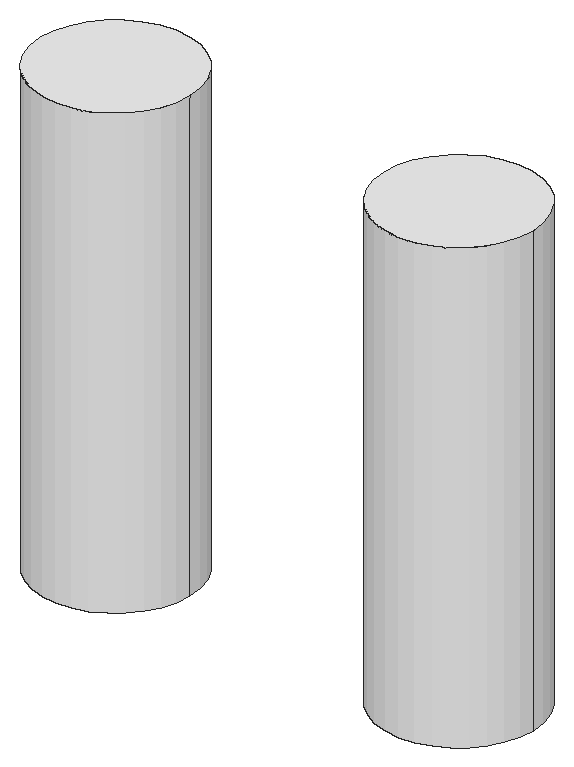
Revit family "51591193", category Plumbing Fixtures, Revit 2020
Family settings
  Round Connector Dimension = Use Diameter
  Part Type = Normal
  OmniClass Number = 23.45.55.00
  OmniClass Title = Sanitary Faucets, Wastes
  Work Plane-Based = No
  Always vertical = Yes
  Cut with Voids When Loaded = No
  Shared = No
  Room Calculation Point = No
Parameters (values of type "51591193 Kitchen faucet, low pressure")
  Working Pressure = "50 - 500 kPa"
  WarrantyStartDate [instance] = "n/a"
  WarrantyGuarantorParts = "n/a"
  WarrantyGuarantorLabor = "n/a"
  WarrantyDurationUnit = "Year"
  WarrantyDurationParts = "n/a"
  WarrantyDurationLabor = "n/a"
  WarrantyDescription = "http://warranty.hansa.com"
  Warranty Information URL = "http://warranty.hansa.com"
  VersionDate = "01/06/2023"
  Version = "1"
  ValvePattern = "n/a"
  ValveOperation = "n/a"
  ValveMechanism = "n/a"
  Uniclass2015Reference = "Pr_40_20_87_96"
  Uniclass2015Description = "Washbasin manual water supply sets"
  Uniclass2 = "Pr_40_30_96_96"
  URL REACH = "http://static.hansa.com/doc/reach"
  URL Materials Declaration = "http://www.hansa.com/fileadmin/resources/181963_51591193_materialsdeclaration.pdf"
  URL Environmental Product Declaration EPD = "http://www.hansa.com/fileadmin/resources/184519_EPD_Kitchen faucet.pdf"
  URL EcoLabel Declaration = "http://static.hansa.com/doc/EcoLabel"
  URL EU Packaging Declaration = "http://static.hansa.com/doc/packaging"
  URL Declaration of SCIP = "http://static.hansa.com/doc/SCIP"
  URL Declaration of Conformity = "http://static.hansa.com/DoC/51591193"
  URL Declaration of Asbestos = "http://static.hansa.com/doc/asbestos"
  URL Declaration Of Performance (DOP) = "http://static.hansa.com/doc/DoP"
  URL = ""
  UNSPSC Class Number = "30181700 Faucets or taps"
  Type Comments = ""
  TestPressure = "n/a"
  Temperature Adjustments = "Limitation option for maximum temperature and flow-rate ;Adjustable hot water stop (included, retrofittable)"
  Temperature = "Temperature limiter;Temperature limiter (retrofittable)"
  Technical DataSheet URL = "http://www.hansa.com/datasheet/51591193/en"
  TagNumber [instance] = "n/a"
  SustainabilityPerformance = "n/a"
  Surface treatment = "Chrome"
  Spout Type = "Swivel spout;Swivel range limiting option"
  Spout Swivel Range = "120°"
  Spout Projection = "215 mm"
  Spare-Part Information URL = "http://static.hansa.com/sp/51591193"
  Size = "51x255x168 mm"
  Shape = "Sculptured"
  SerialNumber [instance] = "n/a"
  Sales Package dimensions (LxWxH) = "695 x 320 x 85"
  Revision = "n/a"
  ReplacementCost = "n/a"
  ProductInformation = "n/a"
  Product URL = "http://static.hansa.com/51591193"
  Product Image URL = "http://static.hansa.com/image/51591193"
  Product Family = "HANSAPOLO "
  Product Code = "51591193"
  OperatingMechanismMaterial = "n/a"
  NominalWidth = 51 mm
  NominalHeight = 168 mm
  NominalDepth = 255 mm
  Noise Class = "I (ISO 3822)"
  Name_en = "51591193 Kitchen faucet, low pressure"
  Name = "51591193 Kitchen faucet, low pressure"
  NBSReference = "45-35-70/371"
  NBSDescription = "Water supply fittings for wash basins and troughs"
  Mounting Holes = "1 hole"
  ModelReference = "51591193"
  ModelNumber = "n/a"
  Model = "51591193 Kitchen faucet, low pressure"
  Mobile Product Information URL = "http://mpi.hansa.com/51591193"
  Mechanical Parts = "ø 35 mm ceramic cartridge for flow and temperature control"
  Max. Hot Water Supply = 70 °C
  Material = "Brass"
  Market = "International;Germany;Austria;Belgium;Netherlands;France;Czech Republic;Slovakia"
  ManufacturerURL = "http://www.hansa.com"
  ManufacturerName = "HANSA"
  Manufacturer = "HANSA"
  Lever Handle = "Hot/Cold symbols;Single operating lever/handle"
  Interactive AR View URL = "https://static.hansa.com/AR/51591193"
  InstallationDate [instance] = "n/a"
  Installation and Maintenance Guide URL = "http://static.hansa.com/manual/51591193"
  Installation Type = "Deck mounted"
  InletConnectionSize = 10 mm
  IfcExportType = "FAUCET"  # constant formula
  IfcExportAs = "IfcValveType"  # constant formula
  Group = "Kitchen faucet"
  Grade = "n/a"
  FlowCoefficient = 0
  Flow Rate At 300kPa = 0.12 L/s
  Flow Drawing URL = "http://static.hansa.com/flowchart/51591193"
  Finish = "Polished"
  Features = "Single-lever;Low pressure"
  FaucetMainMaterial = Brass
  FDV Document URL = "http://www.hansa.com/datasheet/51591193/en/fdv"
  ExpectedLife = "n/a"
  ETIM Class Number = "EC011431 Kitchen mixing tap"
  EN Standard = "EN 817"
  EAN Number = "4057304002892"
  DurationUnit = "Year"
  Dimension Drawing URL = "http://static.hansa.com/dimdrw/51591193"
  Description = ""
  DefaultElevation [instance] = 900 mm
  Default Elevation = 0 mm
  Constituents = "n/a"
  Connection Size = "G3/8"
  Connection = "Flexible inlet pipes"
  Color = "Chrome"
  CodePerformance = "n/a"
  CloseOffRating = 0
  Category = "Kitchen"
  Catalog Drawing URL = "http://static.hansa.com/catdrw/51591193"
  CO2 Emissions (D) = -6.05
  CO2 Emissions (C4) = 0.32
  CO2 Emissions (C3) = 0.02
  CO2 Emissions (C2) = 0.02
  CO2 Emissions (B7) = 2836.8
  CO2 Emissions (A4) = 0.21
  CO2 Emissions (A1-A3) = 10.71
  Brand = "HANSA"
  BodyMaterial = "Brass"
  Barcode [instance] = "n/a"
  Backflow Prevention EN1717 = "AA"
  BIMObjectName = "51591193(2020)"
  Author = "BIMStone"
  AssetType = "Fixed"
  AssetIdentifier [instance] = "n/a"
  Ambience photo = "http://static.hansa.com/ambience/51591193"
  Aerator = "Laminar stream;Standard aerator"
  Advanced Features = "Inner body made of DZR brass;Rapid installation system"
  AccessibilityPerformance = "n/a"
  3D View = "https://static.hansa.com/AR/51591193"
  2D/3D/BIM Files URL = "http://static.hansa.com/bim/51591193"
Reference planes
  plane 1 "Center (Front/Back)": y = 0
  plane 2: z = 0
  plane 3 "Center (Left/Right)": x = 0
  plane 4: x = -25.5
  plane 5: z = 1068
  plane 6: z = 900
  plane 7: z = 870
  plane 8: y = -255
  plane 9: x = 25.5
Forms (mm)
  Extrusion 1, solid, material "Brass" <- "FaucetMainMaterial"
    sketch origin (0, -3, 0) x (1, 0, 0) y (0, 1, 0)
      loop
        circle (-11.5, -22.5) r 5
      loop
        circle (11.5, -22.5) r 5
    from 870 to 900
  Extrusion 2, solid, material "Brass" <- "FaucetMainMaterial", detail levels medium
    sketch origin (0, 0, 0) x (0, 1, 0) y (0, 0, 1)
      loop
        line (0, 900) -> (0, 1058.08) -> (-61.322, 1065.36) -> (-111.697, 1068)
        arc (-111.697, 1068) -> (-112.791, 1067.626) -> (-113.167, 1066.532) r 1.316
        line (-113.167, 1066.532) -> (-112.909, 1064.448)
        arc (-112.909, 1064.448) -> (-111.629, 1061.855) -> (-109.013, 1060.622) r 4.388
        line (-109.013, 1060.622) -> (-51, 1054.525) -> (-51, 993.034)
        arc (-51, 993.034) -> (-52.761, 993.574) -> (-54.465, 994.275) r 19.937
        line (-54.465, 994.275) -> (-135.431, 1032.03)
        arc (-135.431, 1032.03) -> (-162.315, 1042.283) -> (-190.393, 1048.572) r 200
        line (-190.393, 1048.572) -> (-248.818, 1057.304)
        arc (-248.818, 1057.304) -> (-251.086, 1056.882) -> (-252.314, 1054.93) r 2.875
        line (-252.314, 1054.93) -> (-255, 1037.009) -> (-252.234, 1036.594) -> (-252.899, 1032.154) -> (-229.163, 1028.596) -> (-228.347, 1034.037) -> (-193.277, 1028.781)
        arc (-193.277, 1028.781) -> (-168.045, 1023.121) -> (-143.883, 1013.904) r 180
        line (-143.883, 1013.904) -> (-51, 970.592) -> (-51, 900) -> (0, 900)
    from 25.5 to -25.5
  Extrusion 3, solid, material "Brass", detail levels coarse
    sketch origin (0, 0, 0) x (1, 0, 0) y (0, 1, 0)
      loop
        line (-25.5, 0) -> (-25.5, -255) -> (25.5, -255) -> (25.5, 0) -> (-25.5, 0)
    from 900 to 1068
Lines and regions (mm)
  symbolic lines, detail levels medium+fine
    curve 1: line (0, 0, 900) -> (0, -51, 900)
    curve 2: line (0, -51, 900) -> (0, -51, 947.5)
    curve 3: line (0, -50.702, 970.453) -> (0, -143.883, 1013.904)
    curve 4: arc (0, -143.883, 1013.904) -> (0, -168.045, 1023.121) -> (0, -193.277, 1028.781) r 180
    curve 5: line (0, -193.277, 1028.781) -> (0, -225.171, 1033.561)
    curve 6: line (0, -229.163, 1028.596) -> (0, -228.497, 1033.037)
    curve 7: line (0, -252.234, 1036.594) -> (0, -252.899, 1032.154)
    curve 8: line (0, -252.899, 1032.154) -> (0, -229.163, 1028.596)
    curve 10: line (0, -225.321, 1032.561) -> (0, -225.171, 1033.561)
    curve 11: line (0, -252.234, 1036.594) -> (0, -255, 1037.009)
    curve 12: line (0, -255, 1037.009) -> (0, -252.314, 1054.93)
    curve 13: arc (0, -252.314, 1054.93) -> (0, -251.086, 1056.882) -> (0, -248.818, 1057.304) r 2.875
    curve 14: line (0, -248.818, 1057.304) -> (0, -190.393, 1048.572)
    curve 15: arc (0, -190.393, 1048.572) -> (0, -162.315, 1042.283) -> (0, -135.431, 1032.03) r 200
    curve 16: line (0, -135.431, 1032.03) -> (0, -54.465, 994.275)
    curve 17: arc (0, -54.465, 994.275) -> (0, -52.475, 993.474) -> (0, -50.41, 992.892) r 19.937
    curve 18: line (0, -50.007, 1023.96) -> (0, -50.41, 992.892)
    curve 19: line (0, -50.702, 970.453) -> (0, -51, 947.5)
    curve 20: line (0, 0, 900) -> (0, 0, 947.5)
    curve 21: line (0, -0.993, 1023.96) -> (0, 0, 947.5)
    curve 23: line (0, -228.497, 1033.037) -> (0, -225.321, 1032.561)
    curve 24: line (0, -0.993, 1023.96) -> (0, -2.721, 1023.96)
    curve 25: line (0, -49.846, 1026.8) -> (0, -48.006, 1026.8)
    curve 27: line (0, -48.304, 1023.96) -> (0, -48.006, 1026.8)
    curve 28: arc (0, -6.504, 1035.604) -> (0, -3.769, 1030.056) -> (0, -2.721, 1023.96) r 21.584
    curve 29: line (0, -49.846, 1026.8) -> (0, -48.267, 1049.382)
    curve 30: arc (0, -48.267, 1049.382) -> (0, -49.483, 1053.016) -> (0, -52.912, 1054.725) r 5.006
    curve 31: line (0, -52.912, 1054.725) -> (0, -109.013, 1060.622)
    curve 32: arc (0, -109.013, 1060.622) -> (0, -111.629, 1061.855) -> (0, -112.909, 1064.448) r 4.388
    curve 33: line (0, -112.909, 1064.448) -> (0, -113.167, 1066.532)
    curve 34: arc (0, -113.167, 1066.532) -> (0, -112.791, 1067.626) -> (0, -111.697, 1068) r 1.316
    curve 35: line (0, -111.697, 1068) -> (0, -61.322, 1065.36)
    curve 36: line (0, -61.322, 1065.36) -> (0, -4.446, 1058.607)
    curve 37: arc (0, -4.446, 1058.607) -> (0, -3.316, 1057.974) -> (0, -2.965, 1056.728) r 1.691
    curve 38: line (0, -2.965, 1056.728) -> (0, -1.647, 1037.869)
    curve 39: line (0, -6.504, 1035.604) -> (0, -1.647, 1037.869)
    curve 41: line (0, -48.304, 1023.96) -> (0, -50.007, 1023.96)
    curve 43: line (25.5, 0, 900) -> (-25.5, 0, 900)
    curve 44: line (-25.5, 0, 900) -> (-25.5, 0, 947.56)
    curve 45: line (-25.5, 0, 947.56) -> (-24.495, 0, 1023.96)
    curve 46: line (-24.362, 0, 1026.797) -> (-22.506, 0, 1026.797)
    curve 47: line (-24.495, 0, 1023.96) -> (-22.754, 0, 1023.96)
    curve 48: line (-24.362, 0, 1026.797) -> (-21.794, 0, 1058.814)
    curve 49: arc (-21.794, 0, 1058.814) -> (-21.406, 0, 1059.899) -> (-20.524, 0, 1060.641) r 2.211
    curve 50: arc (-20.524, 0, 1060.641) -> (-18.448, 0, 1061.525) -> (-16.319, 0, 1062.269) r 33.994
    curve 51: arc (-16.319, 0, 1062.269) -> (-15.779, 0, 1062.579) -> (-15.419, 0, 1063.089) r 1.442
    curve 52: arc (-15.419, 0, 1063.089) -> (-13.815, 0, 1065.638) -> (-11.468, 0, 1067.527) r 9.139
    curve 53: arc (-11.468, 0, 1067.527) -> (-10.657, 0, 1067.864) -> (-9.789, 0, 1068) r 3.707
    curve 54: line (-9.789, 0, 1068) -> (0, 0, 1068)
    curve 55: line (-22.506, 0, 1026.797) -> (-22.754, 0, 1023.96)
    curve 59: line (25.5, 0, 900) -> (25.5, 0, 947.56)
    curve 60: line (25.5, 0, 947.56) -> (24.495, 0, 1023.96)
    curve 61: line (24.362, 0, 1026.797) -> (22.506, 0, 1026.797)
    curve 62: line (24.495, 0, 1023.96) -> (22.754, 0, 1023.96)
    curve 63: line (24.362, 0, 1026.797) -> (21.794, 0, 1058.814)
    curve 64: arc (21.794, 0, 1058.814) -> (21.406, 0, 1059.899) -> (20.524, 0, 1060.641) r 2.211
    curve 65: arc (20.524, 0, 1060.641) -> (18.448, 0, 1061.525) -> (16.319, 0, 1062.269) r 33.994
    curve 66: arc (16.319, 0, 1062.269) -> (15.779, 0, 1062.579) -> (15.419, 0, 1063.089) r 1.442
    curve 67: arc (15.419, 0, 1063.089) -> (13.815, 0, 1065.638) -> (11.468, 0, 1067.527) r 9.139
    curve 68: arc (11.468, 0, 1067.527) -> (10.657, 0, 1067.864) -> (9.789, 0, 1068) r 3.707
    curve 69: line (9.789, 0, 1068) -> (0, 0, 1068)
    curve 70: line (22.506, 0, 1026.797) -> (22.754, 0, 1023.96)
    curve 83: line (-15, -239.534, 0) -> (-15, -59.645, 0)
    curve 84: line (15, -239.534, 0) -> (15, -59.645, 0)
    curve 85: spline (-15, -239.534, 0) -> (-14.489, -243.537, 0) -> (-12.99, -247.267, 0) -> (-10.607, -250.47, 0) -> (-7.5, -252.928, 0) -> (-3.882, -254.473, 0) -> (0, -255, 0) -> (3.882, -254.473, 0) -> (7.5, -252.928, 0) -> (10.607, -250.47, 0) -> (12.99, -247.267, 0) -> (14.489, -243.537, 0) -> (15, -239.534, 0)
    curve 91: arc (-15.824, -46.935, 0) -> (-15.892, -46.144, 0) -> (-15.994, -45.357, 0) r 18.815
    curve 95: arc (15.832, -46.938, 0) -> (15.9, -46.152, 0) -> (16.001, -45.369, 0) r 18.811
    curve 96: line (-15, -59.645, 0) -> (-15.824, -46.935, 0)
    curve 97: line (15, -59.645, 0) -> (15.832, -46.938, 0)
    curve 98: arc (16.001, -45.369, 0) -> (0.021, -0.018, 0) -> (-15.994, -45.357, 0) r 25.494
  symbolic lines, detail levels fine
    curve 9: line (0, -252.234, 1036.594) -> (0, -228.497, 1033.037)
    curve 22: line (0, 0, 947.5) -> (0, -51, 947.5)
    curve 26: line (0, -25.383, 1026.8) -> (0, -6.504, 1035.604)
    curve 40: line (0, -48.006, 1026.8) -> (0, -25.383, 1026.8)
    curve 42: line (0, -2.721, 1023.96) -> (0, -48.304, 1023.96)
    curve 56: line (-15, 0, 970.474) -> (-15, 0, 1054.085)
    curve 57: line (-22.506, 0, 1026.797) -> (-15, 0, 1026.797)
    curve 58: line (-22.754, 0, 1023.96) -> (-15, 0, 1023.96)
    curve 71: line (22.506, 0, 1026.797) -> (15, 0, 1026.797)
    curve 72: line (22.754, 0, 1023.96) -> (15, 0, 1023.96)
    curve 73: line (-25.5, 0, 947.56) -> (25.5, 0, 947.56)
    curve 74: spline (-15, 0, 1054.085) -> (-14.489, 0, 1054.949) -> (-12.99, 0, 1055.755) -> (-10.607, 0, 1056.447) -> (-7.5, 0, 1056.978) -> (-3.882, 0, 1057.312) -> (0, 0, 1057.426) -> (3.882, 0, 1057.312) -> (7.5, 0, 1056.978) -> (10.607, 0, 1056.447) -> (12.99, 0, 1055.755) -> (14.489, 0, 1054.949) -> (15, 0, 1054.085)
    curve 75: arc (-13.012, 0, 968.978) -> (-14.379, 0, 969.231) -> (-15, 0, 970.474) r 1.557
    curve 76: arc (13.012, 0, 968.978) -> (14.379, 0, 969.231) -> (15, 0, 970.474) r 1.557
    curve 77: arc (-13.012, 0, 968.978) -> (0, 0, 970.816) -> (13.012, 0, 968.978) r 47.003
    curve 78: spline (11.961, 0, 1030.3) -> (11.554, 0, 1029.845) -> (10.359, 0, 1029.421) -> (8.458, 0, 1029.058) -> (5.981, 0, 1028.778) -> (3.096, 0, 1028.603) -> (0, 0, 1028.543) -> (-3.096, 0, 1028.603) -> (-5.981, 0, 1028.778) -> (-8.458, 0, 1029.058) -> (-10.359, 0, 1029.421) -> (-11.554, 0, 1029.845) -> (-11.961, 0, 1030.3) -> (-11.554, 0, 1030.754) -> (-10.359, 0, 1031.178) -> (-8.458, 0, 1031.542) -> (-5.981, 0, 1031.821) -> (-3.096, 0, 1031.997) -> (0, 0, 1032.056) -> (3.096, 0, 1031.997) -> (5.981, 0, 1031.821) -> (8.458, 0, 1031.542) -> (10.359, 0, 1031.178) -> (11.554, 0, 1030.754) -> (11.961, 0, 1030.3)
    curve 79: spline (-11.961, 0, 1034.779) -> (-11.554, 0, 1035.234) -> (-10.359, 0, 1035.658) -> (-8.458, 0, 1036.021) -> (-5.981, 0, 1036.301) -> (-3.096, 0, 1036.476) -> (0, 0, 1036.536) -> (3.096, 0, 1036.476) -> (5.981, 0, 1036.301) -> (8.458, 0, 1036.021) -> (10.359, 0, 1035.658) -> (11.554, 0, 1035.234) -> (11.961, 0, 1034.779)
    curve 80: line (-11.961, 0, 1030.3) -> (-11.961, 0, 1034.779)
    curve 81: line (11.961, 0, 1034.779) -> (11.961, 0, 1030.3)
    curve 82: spline (11.961, 0, 1033.769) -> (14.424, 0, 1034.526) -> (14.937, 0, 1035.369) -> (13.431, 0, 1036.183) -> (10.109, 0, 1036.859) -> (5.421, 0, 1037.304) -> (0, 0, 1037.46) -> (-5.421, 0, 1037.304) -> (-10.109, 0, 1036.859) -> (-13.431, 0, 1036.183) -> (-14.937, 0, 1035.369) -> (-14.424, 0, 1034.526) -> (-11.961, 0, 1033.769)
    curve 86: spline (-15, -239.534, 0) -> (-14.489, -242.782, 0) -> (-12.99, -245.808, 0) -> (-10.607, -248.407, 0) -> (-7.5, -250.401, 0) -> (-3.882, -251.655, 0) -> (0, -252.082, 0) -> (3.882, -251.655, 0) -> (7.5, -250.401, 0) -> (10.607, -248.407, 0) -> (12.99, -245.808, 0) -> (14.489, -242.782, 0) -> (15, -239.534, 0)
    curve 87: arc (19.099, -37.489, 0) -> (0, -2.95, 0) -> (-19.099, -37.489, 0) r 22.55
    curve 88: line (0, -113.165, 0) -> (-6.461, -113.165, 0)
    curve 89: arc (-6.461, -113.165, 0) -> (-10.086, -111.77, 0) -> (-11.84, -108.304, 0) r 5.407
    curve 90: line (-11.84, -108.304, 0) -> (-15, -59.645, 0)
    curve 92: line (0, -113.165, 0) -> (6.461, -113.165, 0)
    curve 93: arc (6.461, -113.165, 0) -> (10.086, -111.77, 0) -> (11.84, -108.304, 0) r 5.407
    curve 94: line (11.84, -108.304, 0) -> (15, -59.645, 0)
    curve 99: arc (-19.099, -37.489, 0) -> (-17.182, -41.279, 0) -> (-15.994, -45.357, 0) r 23.03
    curve 100: arc (19.099, -37.489, 0) -> (17.182, -41.279, 0) -> (15.994, -45.357, 0) r 23.03
    curve 101: line (15, 0, 970.474) -> (15, 0, 1054.085)
    curve 102: line (-15.779, 0, 1062.579) -> (-15.779, 0, 1058.287)
    curve 103: arc (-15.779, 0, 1058.287) -> (-15.347, 0, 1056.539) -> (-14.151, 0, 1055.193) r 3.756
    curve 104: line (15.779, 0, 1062.579) -> (15.779, 0, 1058.287)
    curve 105: arc (15.779, 0, 1058.287) -> (15.347, 0, 1056.539) -> (14.151, 0, 1055.193) r 3.756
Dimensions and locks
  "NominalHeight": plane 5 to plane 6
  "DefaultElevation": plane 6 to level
  locked: plane 6 to plane 7 at 30
  "NominalDepth": plane 8 to plane 1 "Center (Front/Back)"
  equal spacing: plane 4, plane 3 "Center (Left/Right)", plane 9
  "NominalWidth": plane 4 to plane 9
  "InletConnectionSize": diameter of Extrusion 1 sketch curve  (x2)
  aligned and locked: level to plane 2
  aligned and locked: plane 6 to Extrusion 1
  aligned and locked: Extrusion 1 to plane 7
  aligned and locked: plane 5 to Extrusion 3
  aligned and locked: Extrusion 3 to plane 6
  aligned and locked: plane 6 to import instance
Automatic sketch dimensions
  curve 88 to plane 3 "Center (Left/Right)" = 0 mm
  curve 85 to plane 3 "Center (Left/Right)" = 0 mm
  curve 87 to plane 3 "Center (Left/Right)" = 0 mm
  curve 89 to plane 3 "Center (Left/Right)" = 6.461 mm
  curve 90 to curve 89 = 5.379 mm
  plane 4 to curve 90 = 10.5 mm
  plane 4 to curve 96 = 9.676 mm
  curve 91 to plane 4 = 9.1 mm
  curve 99 to curve 91 = 4.004 mm
  plane 3 "Center (Left/Right)" to curve 98 = 0.011 mm
  plane 3 "Center (Left/Right)" to curve 93 = 6.461 mm
  curve 93 to curve 94 = 5.379 mm
  plane 9 to curve 97 = 9.668 mm
  curve 95 to plane 9 = 9.103 mm
  curve 95 to curve 100 = 4 mm
  curve 83 to plane 8 = 15.466 mm
  curve 89 to curve 90 = 4.861 mm
  curve 92 to curve 94 = 4.861 mm
  curve 89 to curve 96 = 48.659 mm
  curve 83 to curve 94 = 0 mm
  curve 83 to curve 99 = 9.911 mm
  curve 84 to curve 100 = 9.911 mm
  curve 100 to curve 95 = 1.574 mm
  curve 99 to curve 91 = 1.58 mm
  curve 84 to curve 97 = 12.706 mm
  plane 1 "Center (Front/Back)" to curve 98 = 25.512 mm
  curve 98 to curve 87 = 0.012 mm
  curve 98 to curve 96 = 0.17 mm
  curve 87 to curve 99 = 0 mm
  curve 100 to curve 95 = 0.007 mm
  plane 9 to curve 100 = 6.401 mm
  curve 87 to curve 100 = 0 mm
  curve 95 to curve 100 = 0.012 mm
  Extrusion 3 sketch curve to plane 4 = 0 mm
  plane 8 to Extrusion 3 sketch curve = 0 mm
  Extrusion 3 sketch curve to plane 9 = 0 mm
  plane 1 "Center (Front/Back)" to Extrusion 3 sketch curve = 0 mm
  curve 11 to plane 8 = 0 mm
  curve 34 to plane 5 = 0 mm
  curve 1 to plane 6 = 0 mm
  curve 20 to plane 1 "Center (Front/Back)" = 0 mm
  curve 8 to plane 8 = 2.101 mm
  curve 12 to plane 8 = 2.686 mm
  curve 7 to plane 8 = 2.766 mm
  curve 13 to curve 13 = 2.844 mm
  curve 13 to curve 14 = 0.652 mm
  curve 7 to curve 8 = 23.737 mm
  curve 6 to curve 23 = 3.177 mm
  curve 10 to curve 10 = 0.15 mm
  curve 4 to plane 8 = 35.045 mm
  curve 4 to curve 15 = 0 mm
  curve 5 to curve 5 = 31.894 mm
  curve 14 to plane 5 = 19.428 mm
  curve 5 to curve 14 = 2.884 mm
  curve 3 to plane 5 = 54.096 mm
  curve 4 to curve 3 = 49.394 mm
  curve 16 to plane 5 = 35.97 mm
  curve 4 to curve 16 = 8.452 mm
  curve 33 to plane 5 = 1.468 mm
  curve 15 to curve 33 = 22.264 mm
  curve 33 to plane 5 = 3.552 mm
  curve 33 to curve 33 = 0.258 mm
  curve 34 to plane 5 = 1.306 mm
  curve 33 to curve 34 = 1.306 mm
  curve 31 to plane 5 = 7.378 mm
  curve 32 to curve 31 = 3.897 mm
  curve 32 to plane 5 = 3.014 mm
  curve 36 to plane 5 = 2.64 mm
  curve 32 to curve 36 = 47.232 mm
  plane 1 "Center (Front/Back)" to curve 16 = 54.465 mm
  curve 35 to curve 30 = 8.061 mm
  curve 31 to plane 5 = 13.275 mm
  curve 30 to curve 31 = 0.349 mm
  curve 17 to curve 22 = 3.465 mm
  curve 2 to curve 19 = 0.298 mm
  curve 16 to curve 18 = 4.054 mm
  curve 30 to curve 41 = 3.254 mm
  curve 18 to curve 25 = 0.161 mm
  curve 18 to curve 42 = 1.703 mm
  curve 29 to plane 5 = 18.618 mm
  curve 30 to curve 29 = 4.994 mm
  curve 25 to curve 25 = 1.841 mm
  curve 27 to curve 17 = 2.265 mm
  curve 25 to curve 26 = 22.622 mm
  curve 26 to curve 28 = 1.086 mm
  plane 1 "Center (Front/Back)" to curve 39 = 6.504 mm
  plane 1 "Center (Front/Back)" to curve 37 = 4.645 mm
  curve 37 to curve 36 = 0.199 mm
  curve 37 to curve 38 = 1.68 mm
  plane 1 "Center (Front/Back)" to curve 24 = 2.721 mm
  plane 1 "Center (Front/Back)" to curve 39 = 1.647 mm
  plane 1 "Center (Front/Back)" to curve 21 = 0.993 mm
  curve 15 to curve 4 = 0 mm
  plane 6 to curve 22 = 47.5 mm
  curve 2 to curve 3 = 22.953 mm
  curve 3 to curve 18 = 22.439 mm
  curve 17 to curve 16 = 1.383 mm
  curve 17 to curve 28 = 11.042 mm
  curve 17 to curve 27 = 11.616 mm
  curve 28 to curve 26 = 3.414 mm
  curve 8 to curve 5 = 0.185 mm
  curve 26 to curve 39 = 2.265 mm
  curve 13 to curve 13 = 0.426 mm
  curve 38 to plane 5 = 11.272 mm
  curve 38 to curve 37 = 0.199 mm
  curve 43 to plane 4 = 0 mm
  curve 54 to plane 5 = 0 mm
  curve 54 to plane 3 "Center (Left/Right)" = 0 mm
  curve 79 to plane 3 "Center (Left/Right)" = 0 mm
  curve 74 to plane 3 "Center (Left/Right)" = 0 mm
  curve 77 to plane 3 "Center (Left/Right)" = 0 mm
  curve 82 to plane 3 "Center (Left/Right)" = 0 mm
  plane 9 to curve 73 = 0 mm
  curve 43 to plane 6 = 0 mm
  plane 4 to curve 45 = 1.005 mm
  plane 4 to curve 46 = 1.138 mm
  curve 45 to curve 47 = 1.74 mm
  curve 46 to curve 57 = 1.856 mm
  plane 4 to curve 48 = 3.706 mm
  curve 49 to curve 49 = 2.203 mm
  curve 49 to curve 51 = 2.841 mm
  curve 49 to curve 102 = 3.812 mm
  plane 4 to curve 56 = 10.5 mm
  curve 56 to curve 75 = 1.557 mm
  curve 102 to curve 103 = 3.756 mm
  curve 57 to curve 80 = 3.039 mm
  curve 102 to curve 54 = 5.99 mm
  curve 53 to curve 53 = 0.137 mm
  curve 103 to curve 52 = 5.034 mm
  curve 80 to curve 50 = 5.785 mm
  curve 65 to curve 78 = 5.785 mm
  plane 3 "Center (Left/Right)" to curve 67 = 6.989 mm
  curve 67 to curve 68 = 2.662 mm
  curve 68 to curve 69 = 0.137 mm
  curve 105 to curve 101 = 2.977 mm
  curve 76 to curve 76 = 1.557 mm
  curve 105 to curve 104 = 3.756 mm
  curve 104 to curve 66 = 0.971 mm
  curve 104 to curve 64 = 3.812 mm
  curve 64 to curve 63 = 2.203 mm
  plane 9 to curve 61 = 2.994 mm
  plane 9 to curve 62 = 2.746 mm
  plane 9 to curve 61 = 1.138 mm
  plane 9 to curve 62 = 1.005 mm
  plane 6 to curve 77 = 23.813 mm
  curve 77 to curve 45 = 23.747 mm
  curve 59 to curve 76 = 22.914 mm
  curve 44 to curve 75 = 22.914 mm
  curve 47 to plane 5 = 44.04 mm
  curve 62 to curve 58 = 0 mm
  curve 47 to curve 57 = 2.837 mm
  curve 62 to curve 71 = 2.837 mm
  curve 71 to curve 65 = 3.026 mm
  curve 57 to curve 50 = 3.026 mm
  curve 65 to curve 81 = 4.956 mm
  curve 101 to plane 5 = 13.915 mm
  curve 101 to curve 105 = 4.203 mm
  curve 74 to curve 103 = 4.203 mm
  curve 102 to curve 49 = 0.35 mm
  curve 104 to curve 64 = 0.35 mm
  curve 64 to curve 63 = 0.177 mm
  curve 49 to curve 48 = 0.177 mm
  curve 105 to curve 67 = 1.274 mm
  curve 103 to curve 52 = 1.274 mm
  curve 66 to plane 5 = 4.355 mm
  curve 51 to plane 5 = 4.355 mm
  curve 53 to plane 5 = 3.705 mm
  curve 68 to plane 5 = 3.705 mm
  curve 50 to curve 49 = 0 mm
  curve 51 to curve 50 = 0 mm
  curve 52 to curve 51 = 0 mm
  curve 74 to curve 103 = 0.849 mm
  curve 77 to curve 75 = 0 mm
  curve 67 to curve 68 = 0 mm
  curve 79 to curve 82 = 3.039 mm
  curve 66 to curve 67 = 0 mm
  curve 65 to curve 66 = 0 mm
  curve 81 to curve 79 = 4.48 mm
  curve 80 to curve 79 = 4.48 mm
  curve 78 to curve 79 = 4.48 mm
  curve 82 to curve 79 = 1.01 mm
  curve 79 to curve 82 = 0.379 mm
  Extrusion 2 sketch curve to plane 8 = 0 mm
  Extrusion 2 sketch curve to plane 5 = 0 mm
  Extrusion 2 sketch curve to plane 6 = 0 mm
  Extrusion 2 sketch curve to plane 1 "Center (Front/Back)" = 0 mm
  Extrusion 2 sketch curve to plane 8 = 2.101 mm
  Extrusion 2 sketch curve to plane 8 = 2.686 mm
  Extrusion 2 sketch curve to plane 8 = 2.766 mm
  Extrusion 2 sketch curve to Extrusion 2 sketch curve = 2.844 mm
  Extrusion 2 sketch curve to Extrusion 2 sketch curve = 0.652 mm
  Extrusion 2 sketch curve to Extrusion 2 sketch curve = 23.737 mm
  Extrusion 2 sketch curve to Extrusion 2 sketch curve = 0.815 mm
  Extrusion 2 sketch curve to plane 8 = 35.045 mm
  Extrusion 2 sketch curve to Extrusion 2 sketch curve = 0 mm  (x2)
  Extrusion 2 sketch curve to Extrusion 2 sketch curve = 35.07 mm
  Extrusion 2 sketch curve to plane 5 = 19.428 mm
  Extrusion 2 sketch curve to Extrusion 2 sketch curve = 2.884 mm
  Extrusion 2 sketch curve to plane 5 = 54.096 mm
  Extrusion 2 sketch curve to Extrusion 2 sketch curve = 49.394 mm
  Extrusion 2 sketch curve to plane 5 = 35.97 mm
  Extrusion 2 sketch curve to Extrusion 2 sketch curve = 8.452 mm
  Extrusion 2 sketch curve to plane 5 = 1.468 mm
  Extrusion 2 sketch curve to Extrusion 2 sketch curve = 22.264 mm
  Extrusion 2 sketch curve to plane 5 = 3.552 mm
  Extrusion 2 sketch curve to Extrusion 2 sketch curve = 0.258 mm
  Extrusion 2 sketch curve to Extrusion 2 sketch curve = 1.306 mm
  Extrusion 2 sketch curve to Extrusion 2 sketch curve = 0.164 mm
  Extrusion 2 sketch curve to plane 5 = 7.378 mm
  Extrusion 2 sketch curve to Extrusion 2 sketch curve = 3.897 mm
  Extrusion 2 sketch curve to plane 5 = 3.014 mm
  Extrusion 2 sketch curve to plane 5 = 2.64 mm
  Extrusion 2 sketch curve to Extrusion 2 sketch curve = 47.232 mm
  plane 1 "Center (Front/Back)" to Extrusion 2 sketch curve = 54.465 mm
  plane 1 "Center (Front/Back)" to Extrusion 2 sketch curve = 51 mm
  Extrusion 2 sketch curve to Extrusion 2 sketch curve = 10.322 mm
  Extrusion 2 sketch curve to Extrusion 2 sketch curve = 8.426 mm
  Extrusion 2 sketch curve to Extrusion 2 sketch curve = 70.592 mm
  Extrusion 2 sketch curve to Extrusion 2 sketch curve = 22.442 mm
  Extrusion 2 sketch curve to Extrusion 2 sketch curve = 1.241 mm
  Extrusion 2 sketch curve to Extrusion 2 sketch curve = 0.185 mm
  Extrusion 2 sketch curve to Extrusion 2 sketch curve = 0.426 mm
  Extrusion 2 sketch curve to plane 5 = 13.475 mm
  Extrusion 2 sketch curve to plane 5 = 9.92 mm
  Extrusion 1 sketch curve to plane 3 "Center (Left/Right)" = 11.5 mm
  plane 3 "Center (Left/Right)" to Extrusion 1 sketch curve = 11.5 mm
  plane 1 "Center (Front/Back)" to Extrusion 1 sketch curve = 25.5 mm  (x2)
Nested families
  nested 1: "Symbol" at (0, 0, 0), type "Symbol", detail levels coarse
Connectors
  piping at (-11.5, -25.5, 870), diameter 10, driven by "InletConnectionSize"
    settings: on Extrusion 1, index 1, connector inside diameter 609.6 mm, connector length 0 mm, flow factor 0, pipe flow 0.2 L/s, pressure drop 0.0 Pa, fitting loss kfactor 0, connector angle 0.00°, fixture units 0, engagement length 0 mm, angle of deflection 0.00°, flow configuration 1, flow direction 1, fitting loss method 0, system type 19, joint type 0, gender type 0, connector reference index -1, connector utility 0, adjustable connector no, is connector primary yes, connector description ""
  piping at (11.5, -25.5, 870), diameter 10, driven by "InletConnectionSize"
    settings: on Extrusion 1, index 2, connector inside diameter 609.6 mm, connector length 0 mm, flow factor 0, pipe flow 0.2 L/s, pressure drop 0.0 Pa, fitting loss kfactor 0, connector angle 0.00°, fixture units 0, engagement length 0 mm, angle of deflection 0.00°, flow configuration 1, flow direction 1, fitting loss method 0, system type 20, joint type 0, gender type 0, connector reference index -1, connector utility 0, adjustable connector no, is connector primary no, connector description ""
Definition of nested family "Symbol"
  Reference planes
    plane 1: y = 0
    plane 2: x = 0
  Lines and regions (mm)
    detail lines
      curve 1: line (0, 0, 0) -> (0, -1.8, 0)
      curve 2: line (-0.4, -1.1, 0) -> (0.4, -1.1, 0)
      curve 3: line (-0.4, -1.4, 0) -> (0.4, -1.4, 0)
      curve 4: line (0.863, 0, 0) -> (-0.863, 0, 0)
      curve 5: circle (-1.163, 0, 0) r 0.3 normal (0, 0, -1)
      curve 6: circle (1.163, 0, 0) r 0.3 normal (0, 0, 1)
